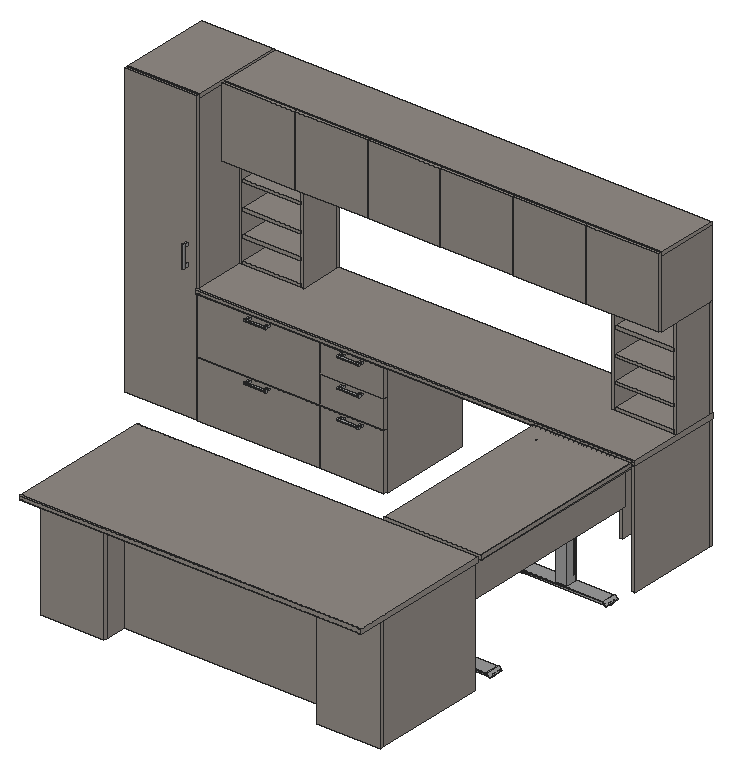
Revit family "JSI-Vision-Typical_Veneer-VST106-", category Furniture, Revit 2020
Family settings
  OmniClass Number = 23.40.20.00
  OmniClass Title = General Furniture and Specialties
  Work Plane-Based = No
  Always vertical = Yes
  Cut with Voids When Loaded = No
  Shared = No
  Room Calculation Point = No
Parameters (values of type "VST106")
  URL = "www.jsifurniture.com"
  Type Comments = "Typical Laminate"  # constant formula
  Model = "VST106"
  Manufacturer = "JSI"  # constant formula
  Keynote = "12500"
  Default Elevation = 0"
  Assembly Code = "E2020200"
Reference planes (in)
  plane 1 "Center Front/Back": y = 0
  plane 2: z = 0
  plane 3 "Center Left/Right": x = 0
Dimensions and locks (in)
  aligned and locked: level to plane 2
Nested families (in)
  nested 1: "JSI-Vision-Wall_Mount_Overhead_Cabinets" at (17.875, 0, -0.5625), type "VSV16108WSO, Veneer Wall Mount OH Cab. 16" x 108", 6 Doors"
    with Overall Height 72", Verticall Partition Distance 35 13/16", Unit Centre 54", Width 108", Door Width Actual 17 13/16", Door Array Spacing 17 15/16", Door Width 17 13/16", # of Doors 6
  nested 2: "JSI-Vision-Modular_Box_Box_File_Pedestal" at (47.875, 0.0625, 0), type "VSV1624MBBF, Veneer Modular BBF Ped"
    with Ped Width 15.996", Ped Height 27.996", Ped Depth 24"
  nested 3: "JSI-Vision-Modular_Wing_End_Support" at (109.875, 0, 0), type "VSV1624WEAR, Wing End Sup - Right"
    with Pnl Pstn 15 1/8", L no, Depth 24"
  nested 4: "JSI-Vision-Credenza_Top" at (17.875, -0.125, 28), type "VSV24108MCT, Veneer Credenza Top, 24" x 108""
    with Height 0", Width 108", Depth 24"
  nested 5: "JSI-Vision-Wardrobe" at (0, 0, 0), type "VSV2418-72WL - Wardrobe - 1 Doors 30"W x 24"D x 72"H"
    with Vertical Partition no, Top-Right Shelve no, Width 18", Unit Centre 8 15/16", Shelve Width 7 13/16", Right surface Dist. to Vertical Partition 3/4", Right Door no, Pull Distance 15 1/4", Left Shelves no, Height 72", Hanging Bar Distance 6 3/4", Door Width 17 3/4", Bottom-Right Shelves yes, Adjustable Shelves Array Distance 13.95", Actual Width 17 7/8", Actual Height 71 11/16", # of Adjustable Shelves 4
  nested 6: "JSI-Vision-Modular_Lateral_File_Pedestal" at (17.875, 0.0625, 0), type "VSV3024MLF, Veneer Modular Lat F Ped"
    with Ped Depth 24"
  nested 7: "JSI-Vision-Single_Pedestal_Desk-Break_Front_Modesty" at (89.81087, -97.625, 0) x (-1, 0, 0) z (0, 0, 1), type "VSV3684RD, Veneer 36 x 84 Right Ped Desk, Brk Frnt Modesty"
    with Width 84", Panel BBF 68 1/4", LR no, Height 29.187", Grommet angle 270.00°, Panel FF 15", Grommet 68 79/128", Depth 36", BBF 68 1/4"
  nested 8: "JSI-Vision-Adjustable_Table_Height_Bridge-Standard_Range" at (125.875, -25.25, 0) x (0, -1, 0) z (0, 0, 1), type "VSV2446AHB-S - Adjustable Height Table Standard Range 46"W x 24"D"
  nested 9: "JSI-Vision-Storage_Tower_Transaction_Support_Cabinet" at (17.875, -0.125, 0), type "VSV2016ST, Storage Tower Insert Transaction Support Cabinet 16w x 24 3/4h"
  nested 10: "JSI-Vision-Storage_Tower_Transaction_Support_Cabinet" at (109.75, -0.125, 0), type "VSV2016ST, Storage Tower Insert Transaction Support Cabinet 16w x 24 3/4h"
  nested 11: "JSI-Vision-Adj_Bridge_Modesty" at (124.375, -25.25, -0.813) x (0, -1, 0) z (0, 0, 1), type "VSV0946TDM, Modesty for Adj Bridge, 46"W"
    with Width 46"
Definition of nested family "JSI-Vision-Wall_Mount_Overhead_Cabinets"
  Parameters (values of type "Wall Mount OH Cab - Type Catalog Family")
    Verticall Partition Distance = (Door Width * 2) + 3/16"  # 26 3/4"
    Unit Centre = Width / 2  # 27"
    Top = none
    Width = 54"
    URL = "www.jsifurniture.com"
    Type Comments = ""
    Tag = "4 Doors"
    Series = "Vision Casegoods"  # constant formula
    Right Vertical Partition = yes
    Overhead Height = 1 1/2"
    Overall Height [instance] = 72"
    Model = "Type Catalog"
    Material = ""
    Manufacturer = "JSI"  # constant formula
    Left Vertical Partition = yes
    Keynote = "12500"  # constant formula
    JSI Enviromental Website = "http://www.jsifurniture.com/jsi_sustainability_intro.php"
    Height = 18"
    Door Width Actual = if(# of Doors > 4, ((Width - 1 1/8") / # of Doors), if(# of Doors > 3, (((Width - 1 1/8") / # of Doors) + 1/16"), if(# of Doors > 2, (((Width - 1 1/8") / # of Doors) + 1/8"), (((Width - 1 1/8") / # of Doors) + 1/4"))))  # 13 9/32"
    Door Array Spacing = Door Width + 1/8"  # 13 13/32"
    Door Width = Door Width Actual  # 13 9/32"
    Door Front = none
    Description = "Type Catalog"
    Depth = 16"
    Default Elevation = 0"
    Chassis = none
    Assembly Code = "E2020200"
    # of Doors = if(Width > 89", 6, (if(Width > 53", 4, (if(Width > 41", 3, (if(Width > 30", 2, 2)))))))  # 4
  Reference planes (in)
    plane 1 "Center Front/Back": y = 0
    plane 2: z = 0
    plane 3 "Center Left/Right": x = 0
    plane 4 "a": z = 0
    plane 5: y = -0.125
    plane 6: x = 54
    plane 7: x = 0.125
    plane 8: x = 53.875
    plane 9: y = -15.5625
    plane 10: y = -16
    plane 11: z = 72
    plane 12: z = 71.5
    plane 13: x = 0.875
    plane 14: x = 53.125
    plane 15: y = -0.875
    plane 16: y = -0.9375
    plane 17: y = -1.6875
    plane 18: z = 71.25
    plane 19: z = 56
    plane 20: z = 56.75
    plane 21: z = 54.5
    plane 22: y = -14.8125
    plane 23: y = -14.0625
    plane 24: x = 0.25
    plane 25: x = 53.75
    plane 26: z = 71.9375
    plane 27: z = 54.6875
    plane 28: y = -15.6875
    plane 29: y = -16.4375
    plane 30: x = 18.0625
    plane 31: x = 18.1875
    plane 32: x = 18.125
    plane 33: x = 27
    plane 34: x = 27
    plane 35: x = 27
    plane 36: x = 26.625
    plane 37: x = 27.375
    plane 38: x = 26.625
    plane 39: x = 27.375
    plane 40: z = 54.5
    plane 41: z = 72.5
    plane 42: z = 66.0625
    plane 43: z = 69.0625
    plane 44: z = 68.25
    plane 45: x = 1.5
    plane 46: x = 52.5
  Forms (in)
    Extrusion 1, solid, material <- "Chassis"
      sketch origin (0, 0, 0) x (1, 0, 0) y (0, 1, 0)
        loop
          line (0.125, -0.125) -> (0.125, -15.5625) -> (0.875, -15.5625) -> (0.875, -0.125) -> (0.125, -0.125)
      from 54.5 to 71.25
    Extrusion 2, solid, material <- "Chassis"
      sketch origin (0, 0, 0) x (1, 0, 0) y (0, 1, 0)
        loop
          line (53.875, -0.125) -> (53.125, -0.125) -> (53.125, -15.5625) -> (53.875, -15.5625) -> (53.875, -0.125)
      from 54.5 to 71.25
    Extrusion 3, solid, material <- "Top"
      sketch origin (0, 0, 0) x (1, 0, 0) y (0, 0, 1)
        loop
          line (0.125, 72) -> (0.125, 71.25) -> (53.875, 71.25) -> (53.875, 72) -> (0.125, 72)
      from 0.125 to 15.5625
    Extrusion 4, solid, material <- "Chassis"
      sketch origin (0, 0, 0) x (1, 0, 0) y (0, 0, 1)
        loop
          line (0.875, 56.75) -> (0.875, 56) -> (53.125, 56) -> (53.125, 56.75) -> (0.875, 56.75)
      from 1.6875 to 15.5625
    Extrusion 5, solid, material <- "Chassis"
      sketch origin (0, 0, 0) x (1, 0, 0) y (0, 1, 0)
        loop
          line (0.875, -14.0625) -> (0.875, -14.8125) -> (53.125, -14.8125) -> (53.125, -14.0625) -> (0.875, -14.0625)
      from 54.5 to 56
    Extrusion 6, solid, material <- "Door Front"
      sketch origin (-4.53125, 0, 17.5) x (1, 0, 0) y (0, 1, 0)
        loop
          line (4.78125, -15.6875) -> (4.78125, -16.4375) -> (18.0625, -16.4375) -> (18.0625, -15.6875) -> (4.78125, -15.6875)
      from 37.1875 to 54.4375
    Extrusion 7, solid, material <- "Door Front"
      sketch origin (8.875, 0, 17.5) x (1, 0, 0) y (0, 1, 0)
        loop
          line (4.78125, -15.6875) -> (4.78125, -16.4375) -> (18.0625, -16.4375) -> (18.0625, -15.6875) -> (4.78125, -15.6875)
      from 37.1875 to 54.4375
    Extrusion 8, solid, material <- "Chassis", visible <- "Left Vertical Partition"
      sketch origin (0, 0, 0) x (1, 0, 0) y (0, 1, 0)
        loop
          line (26.625, -1.6875) -> (26.625, -15.5625) -> (27.375, -15.5625) -> (27.375, -1.6875) -> (26.625, -1.6875)
      from 56.75 to 71.25
    Extrusion 9, solid, material <- "Chassis", visible <- "Right Vertical Partition"
      sketch origin (0, 0, 0) x (1, 0, 0) y (0, 1, 0)
        loop
          line (26.625, -1.6875) -> (26.625, -15.5625) -> (27.375, -15.5625) -> (27.375, -1.6875) -> (26.625, -1.6875)
      from 56.75 to 71.25
    Extrusion 10, solid, material <- "Chassis"
      sketch origin (130.61992, -0.9375, 48) x (1, 0, 0) y (0, 0, 1)
        loop
          line (-129.74492, 23.25) -> (-129.74492, 6.5) -> (-77.49492, 6.5) -> (-77.49492, 23.25) -> (-129.74492, 23.25)
      from 0 to 0.75
    Extrusion 11, solid, material <- "Chassis"
      sketch origin (1.5, 60, 48) x (0, 1, 0) y (0, 0, 1)
        loop
          line (-60.125, 23.25) -> (-60.9375, 23.25) -> (-60.9375, 21.0625) -> (-60.125, 20.25) -> (-60.125, 23.25)
      from -0.625 to 51.625
    Extrusion 12, solid, material <- "Chassis"
      sketch origin (1.5, 60, 48) x (0, 1, 0) y (0, 0, 1)
        loop
          line (-60.9375, 21.0625) -> (-60.9375, 18.0625) -> (-60.125, 18.0625) -> (-60.125, 20.25) -> (-60.9375, 21.0625)
      from 0 to 51
    Extrusion 13, solid, material <- "Door Front"
      sketch origin (22.28125, 0, 17.5) x (1, 0, 0) y (0, 1, 0)
        loop
          line (4.78125, -15.6875) -> (4.78125, -16.4375) -> (18.0625, -16.4375) -> (18.0625, -15.6875) -> (4.78125, -15.6875)
      from 37.1875 to 54.4375
    Extrusion 14, solid, material <- "Door Front"
      sketch origin (35.6875, 0, 17.5) x (1, 0, 0) y (0, 1, 0)
        loop
          line (4.78125, -15.6875) -> (4.78125, -16.4375) -> (18.0625, -16.4375) -> (18.0625, -15.6875) -> (4.78125, -15.6875)
      from 37.1875 to 54.4375
  Lines and regions (in)
    symbolic lines
      curve 1: line (0.125, -0.125, 0) -> (0.125, -15.5625, 0)
      curve 2: line (53.875, -0.125, 0) -> (0.125, -0.125, 0)
      curve 3: line (0.125, -15.5625, 0) -> (53.875, -15.5625, 0)
      curve 4: line (53.875, -15.5625, 0) -> (53.875, -0.125, 0)
      curve 5: line (13.53125, -15.6875, 0) -> (0.25, -15.6875, 0)
      curve 6: line (0.25, -15.6875, 0) -> (0.25, -16.4375, 0)
      curve 7: line (0.25, -16.4375, 0) -> (13.53125, -16.4375, 0)
      curve 8: line (13.53125, -16.4375, 0) -> (13.53125, -15.6875, 0)
      curve 9: line (26.9375, -15.6875, 0) -> (13.65625, -15.6875, 0)
      curve 10: line (13.65625, -15.6875, 0) -> (13.65625, -16.4375, 0)
      curve 11: line (13.65625, -16.4375, 0) -> (26.9375, -16.4375, 0)
      curve 12: line (26.9375, -16.4375, 0) -> (26.9375, -15.6875, 0)
      curve 13: line (40.34375, -15.6875, 0) -> (27.0625, -15.6875, 0)
      curve 14: line (27.0625, -15.6875, 0) -> (27.0625, -16.4375, 0)
      curve 15: line (27.0625, -16.4375, 0) -> (40.34375, -16.4375, 0)
      curve 16: line (40.34375, -16.4375, 0) -> (40.34375, -15.6875, 0)
      curve 17: line (53.75, -15.6875, 0) -> (40.46875, -15.6875, 0)
      curve 18: line (40.46875, -15.6875, 0) -> (40.46875, -16.4375, 0)
      curve 19: line (40.46875, -16.4375, 0) -> (53.75, -16.4375, 0)
      curve 20: line (53.75, -16.4375, 0) -> (53.75, -15.6875, 0)
  Dimensions and locks (in)
    plane 3 "Center Left/Right" to plane 7 to plane 24 = 1/8" locked, 1/8" locked
    plane 25 to plane 8 to plane 6 = 1/8" locked, 1/8" locked
    locked: plane 5 to plane 1 "Center Front/Back" at 0.125
    plane 10 to plane 9 to plane 22 to plane 23 = 7/16" locked, 3/4" locked, 3/4" locked
    "Width": plane 3 "Center Left/Right" to plane 6
    "Depth": plane 10 to plane 1 "Center Front/Back"
    locked: plane 11 to plane 12 at 0.5
    plane 7 to plane 13 to plane 45 = 3/4" locked, 5/8" locked
    plane 46 to plane 14 to plane 8 = 5/8" locked, 3/4" locked
    locked: plane 15 to plane 5 at 0.75
    plane 17 to plane 16 to plane 5 = 3/4" locked, 13/16" locked
    locked: plane 11 to plane 18 at 0.75
    plane 20 to plane 19 to plane 21 = 3/4" locked, 1 1/2" locked
    locked: plane 11 to plane 26 at 0.0625
    locked: plane 27 to plane 21 at 0.1875
    plane 29 to plane 28 to plane 9 = 3/4" locked, 1/8" locked
    plane 30 to plane 32 to plane 31 = 1/16" locked, 1/16" locked
    "Door Width": Extrusion 6 sketch curve to Extrusion 6 sketch curve
    "Door Width": Extrusion 7 sketch curve to Extrusion 7 sketch curve
    equal spacing: group 1, group 2, group 3, group 4  (x3)
    "Door Array Spacing": Extrusion 6 to Extrusion 7
    "Verticall Partition Distance": plane 24 to plane 34
    plane 36 to plane 34 to plane 37 = 3/8" locked, 3/8" locked
    plane 38 to plane 35 to plane 39 = 3/8" locked, 3/8" locked
    "Verticall Partition Distance": plane 35 to plane 25
    "Unit Centre": plane 3 "Center Left/Right" to plane 33
    "Overhead Height": plane 19 to plane 40
    locked: plane 41 to plane 11 at 0.5
    "Height": plane 41 to plane 40
    plane 18 to plane 43 to plane 44 to plane 42 = 2 3/16" locked, 13/16" locked, 2 3/16" locked
    "Door Width": Extrusion 13 sketch curve to Extrusion 13 sketch curve
    "Door Width": Extrusion 14 sketch curve to Extrusion 14 sketch curve
    "Overall Height": plane 11 to level
    aligned and locked: level to plane 2
    aligned and locked: plane 5 to Extrusion 1 sketch curve
    aligned and locked: plane 7 to Extrusion 1 sketch curve
    aligned and locked: Extrusion 1 sketch curve to plane 13
    aligned and locked: Extrusion 2 sketch curve to plane 5
    aligned and locked: plane 8 to Extrusion 2 sketch curve
    aligned and locked: Extrusion 2 sketch curve to plane 14
    aligned and locked: Extrusion 3 sketch curve to plane 11
    aligned and locked: plane 7 to Extrusion 3 sketch curve
    aligned and locked: Extrusion 3 to plane 5
    aligned and locked: plane 9 to Extrusion 1
    aligned and locked: plane 9 to Extrusion 2
    aligned and locked: plane 9 to Extrusion 3
    aligned and locked: Extrusion 4 sketch curve to plane 20
    aligned and locked: plane 13 to Extrusion 4 sketch curve
    aligned and locked: plane 19 to Extrusion 4 sketch curve
    aligned and locked: Extrusion 4 sketch curve to plane 14
    aligned and locked: Extrusion 4 to plane 17
    aligned and locked: plane 9 to Extrusion 4
    aligned and locked: plane 23 to Extrusion 5 sketch curve
    aligned and locked: plane 13 to Extrusion 5 sketch curve
    aligned and locked: Extrusion 5 sketch curve to plane 22
    aligned and locked: Extrusion 5 sketch curve to plane 14
    aligned and locked: plane 19 to Extrusion 5
    aligned and locked: Extrusion 5 to plane 21
    aligned and locked: plane 26 to Extrusion 6
    aligned and locked: Extrusion 6 to plane 24
    aligned and locked: plane 17 to Extrusion 8 sketch curve
    aligned and locked: plane 36 to Extrusion 8 sketch curve
    aligned and locked: Extrusion 8 sketch curve to plane 9
    aligned and locked: Extrusion 8 sketch curve to plane 37
    aligned and locked: plane 17 to Extrusion 9 sketch curve
    aligned and locked: plane 38 to Extrusion 9 sketch curve
    aligned and locked: Extrusion 9 sketch curve to plane 9
    aligned and locked: Extrusion 9 sketch curve to plane 39
    aligned and locked: plane 18 to Extrusion 8
    aligned and locked: Extrusion 8 to plane 20
    aligned and locked: plane 18 to Extrusion 9
    aligned and locked: Extrusion 9 to plane 20
    aligned and locked: Extrusion 1 to Extrusion 10 sketch curve
    aligned and locked: Extrusion 10 sketch curve to Extrusion 1
    aligned and locked: Extrusion 2 to Extrusion 10 sketch curve
    aligned and locked: Extrusion 10 to plane 16
    aligned and locked: plane 17 to Extrusion 10
    aligned and locked: plane 33 to nested 1
    aligned and locked: plane 29 to nested 1
    aligned and locked: plane 26 to Extrusion 7
    aligned and locked: plane 18 to Extrusion 1
    aligned and locked: plane 18 to Extrusion 2
    aligned and locked: curve 1 to Extrusion 3
    aligned and locked: curve 2 to Extrusion 3
    aligned and locked: curve 3 to Extrusion 3
    aligned and locked: curve 4 to Extrusion 3
    aligned and locked: Extrusion 1 to plane 40
    aligned and locked: Extrusion 2 to plane 40
    aligned and locked: Extrusion 10 sketch curve to plane 40
    aligned and locked: Extrusion 6 to plane 26
    aligned and locked: Extrusion 7 to plane 26
    aligned and locked: Extrusion 11 sketch curve to plane 18
    aligned and locked: plane 5 to Extrusion 11 sketch curve
    aligned and locked: Extrusion 11 sketch curve to plane 16
    aligned and locked: plane 43 to Extrusion 11 sketch curve
    aligned and locked: plane 44 to Extrusion 11 sketch curve
    aligned and locked: Extrusion 11 to plane 13
    aligned and locked: plane 14 to Extrusion 11
    aligned and locked: Extrusion 12 sketch curve to Extrusion 11
    aligned and locked: Extrusion 12 sketch curve to plane 5
    aligned and locked: plane 16 to Extrusion 12 sketch curve
    aligned and locked: Extrusion 12 sketch curve to plane 42
    aligned and locked: plane 43 to Extrusion 12 sketch curve
    aligned and locked: plane 44 to Extrusion 12 sketch curve
    aligned and locked: Extrusion 12 to plane 45
    aligned and locked: plane 46 to Extrusion 12
    aligned and locked: curve 5 to Extrusion 6
    aligned and locked: curve 6 to Extrusion 6
    aligned and locked: curve 7 to Extrusion 6
    aligned and locked: curve 8 to Extrusion 6
    aligned and locked: curve 9 to Extrusion 7
    aligned and locked: curve 10 to Extrusion 7
    aligned and locked: curve 11 to Extrusion 7
    aligned and locked: curve 12 to Extrusion 7
    aligned and locked: curve 13 to Extrusion 13
    aligned and locked: curve 14 to Extrusion 13
    aligned and locked: curve 15 to Extrusion 13
    aligned and locked: curve 16 to Extrusion 13
    aligned and locked: curve 17 to Extrusion 14
    aligned and locked: curve 18 to Extrusion 14
    aligned and locked: curve 19 to Extrusion 14
    aligned and locked: curve 20 to Extrusion 14
  Automatic sketch dimensions
    Extrusion 1 sketch curve to plane 10 = 7/16"
    Extrusion 3 sketch curve to plane 8 = 0"
    Extrusion 3 sketch curve to plane 18 = 0"
    plane 9 to Extrusion 2 sketch curve = 0"
    Extrusion 6 sketch curve to Extrusion 6 sketch curve = 3/4"
    Extrusion 7 sketch curve to Extrusion 7 sketch curve = 3/4"
    curve 6 to curve 6 = 3/4"
    curve 6 to curve 7 = 13 9/32"
    curve 10 to curve 10 = 3/4"
    curve 10 to curve 11 = 13 9/32"
    Extrusion 13 sketch curve to Extrusion 13 sketch curve = 3/4"
    curve 14 to curve 14 = 3/4"
    curve 14 to curve 15 = 13 9/32"
    Extrusion 14 sketch curve to Extrusion 14 sketch curve = 3/4"
    curve 18 to curve 18 = 3/4"
    curve 18 to curve 19 = 13 9/32"
  Nested families (in)
    nested 1: "Label 1-16 OH" at (27, -16.4375, 0), type "OH DOORS"
  Definition of nested family "Label 1-16 OH"
    Parameters
      Width = 1"
      Model Name = "XX"
    Reference planes (in)
      plane 1: y = 0
      plane 2: x = 0
    Text (in)
      label "XX" at (0.00051, -0.12324, 0), shows "Model Name"
Definition of nested family "JSI-Vision-Modular_Box_Box_File_Pedestal"
  Parameters (values of type "Type Catalog")
    URL = "www.jsifurniture.com"
    Tag = "BBF"
    Series = "Vision Casegoods"  # constant formula
    Pull Finish = none
    Ped Width = 16"
    Ped Height = 28"
    Model = "Type Catalog"
    Manufacturer = "JSI"  # constant formula
    Keynote = "12500"
    JSI Enviromental website = "http://www.jsifurniture.com/jsi_sustainability_intro.php"
    Description = "Type Catalog"
    Default Elevation = 0"
    Chassis = none
    Ped Depth = 20"
    Grommet Finish = none
    Drawer Front = none
    Assembly Code = "E2020200"
  Reference planes (in)
    plane 1 "Center Front/Back": y = 0
    plane 2: z = 0
    plane 3 "Center Left/Right": x = 0
    plane 4: x = 0.125
    plane 5: x = 16.125
    plane 6: x = 16.25
    plane 7: y = -18.9795
    plane 8: y = -0.1875
    plane 9: y = -19.1095
    plane 10: x = 0.18716
    plane 11: x = 16.06243
    plane 12: y = -19.8595
    plane 13: z = 27.89082
    plane 14: z = 28
    plane 15: x = 0.875
    plane 16: x = 15.376
    plane 17: y = -0.9375
    plane 18: y = -18.23863
    plane 19: z = 27.1404
    plane 20: z = 26.5625
    plane 21: y = -3.9375
    plane 22: x = 8.125
    plane 23: y = -20
    plane 24: y = -9.80266
    plane 25: y = -14.80266
    plane 26: z = 27.1875
    plane 27: z = 21.04715
    plane 28: z = 20.92165
    plane 29: z = 20.1704
    plane 30: z = 14.0779
    plane 31: z = 13.9529
    plane 32: z = 13.2024
    plane 33: z = 0.1404
  Forms (in)
    Extrusion 1, solid, material <- "Chassis"
      sketch origin (0.125, -0.1875, 48) x (0, 1, 0) y (0, 0, 1)
        loop
          line (0, -20) -> (-2.2814, -20) -> (-18.792, -20) -> (-18.792, -48) -> (0, -48) -> (0, -20)
      from 0 to 0.75
    Extrusion 2, solid, material <- "Chassis"
      sketch origin (16.125, -0.1875, 48) x (0, 1, 0) y (0, 0, 1)
        loop
          line (0, -20) -> (-1.49541, -20) -> (-18.792, -20) -> (-18.792, -48) -> (0, -48) -> (0, -20)
      from -0.749 to 0
    Extrusion 3, solid, material <- "Drawer Front"
      sketch origin (0, 0, 0) x (1, 0, 0) y (0, 0, 1)
        loop
          line (0.18716, 27.89082) -> (0.18716, 21.04715) -> (16.06243, 21.04715) -> (16.06243, 27.89082) -> (0.18716, 27.89082)
        loop
          line (16.06243, 14.0779) -> (16.06243, 20.92165) -> (0.18716, 20.92165) -> (0.18716, 14.0779) -> (16.06243, 14.0779)
        loop
          line (0.18716, 13.9529) -> (0.18716, 0.1404) -> (16.06243, 0.1404) -> (16.06243, 13.9529) -> (0.18716, 13.9529)
      from 19.1095 to 19.8595
    Extrusion 4, solid, material <- "Chassis"
      sketch origin (0, 0, 0) x (1, 0, 0) y (0, 1, 0)
        loop
          line (0.875, -18.23863) -> (0.875, -18.9795) -> (15.376, -18.9795) -> (15.376, -18.23863) -> (0.875, -18.23863)
      from 0 to 1.9375
    Extrusion 5, solid, material <- "Chassis"
      sketch origin (0, 0, 0) x (0, 1, 0) y (0, 0, 1)
        loop
          line (-9.80266, 27.1875) -> (-9.80266, 27.89082) -> (-14.80266, 27.89082) -> (-14.80266, 27.1875) -> (-9.80266, 27.1875)
      from 0.875 to 15.376
    Extrusion 6, solid, material <- "Chassis"
      sketch origin (0, 0, 0) x (0, 1, 0) y (0, 0, 1)
        loop
          line (-0.1875, 28) -> (-0.9375, 28) -> (-0.9375, 23) -> (-0.1875, 23) -> (-0.1875, 28)
        loop
          line (-0.9375, 5) -> (-0.9375, 0) -> (-0.1875, 0) -> (-0.1875, 5) -> (-0.9375, 5)
      from 0.875 to 15.376
  Lines and regions (in)
    symbolic lines
      curve 1: line (0.125, -18.9795, 0) -> (0.125, -0.1875, 0)
      curve 2: line (16.125, -0.1875, 0) -> (16.125, -18.9795, 0)
      curve 3: line (0.18716, -19.1095, 0) -> (16.06243, -19.1095, 0)
      curve 4: line (0.18716, -19.8595, 0) -> (0.18716, -19.1095, 0)
      curve 5: line (16.06243, -19.8595, 0) -> (0.18716, -19.8595, 0)
      curve 6: line (16.06243, -19.1095, 0) -> (16.06243, -19.8595, 0)
      curve 7: line (0.875, -0.1875, 0) -> (0.875, -18.9795, 0)
      curve 8: line (0.125, -18.9795, 0) -> (0.875, -18.9795, 0)
      curve 9: line (15.376, -0.1875, 0) -> (15.376, -18.9795, 0)
      curve 10: line (15.376, -18.9795, 0) -> (16.125, -18.9795, 0)
      curve 11: line (0.125, -0.1875, 0) -> (16.125, -0.1875, 0)
      curve 12: line (0.875, -0.9375, 0) -> (15.376, -0.9375, 0)
  Dimensions and locks (in)
    plane 3 "Center Left/Right" to plane 4 = 1/8"
    locked: plane 5 to plane 6 at 0.125
    "Ped Width": plane 4 to plane 5
    locked: plane 1 "Center Front/Back" to plane 8 at 0.1875
    "Ped Height": plane 14 to level
    locked: plane 8 to plane 17 at 0.75
    plane 18 to plane 7 to plane 9 to plane 12 = 0.74087" locked, 0.13" locked, 3/4" locked
    plane 4 to plane 10 to plane 15 = 0.06216" locked, 0.68784" locked
    plane 16 to plane 11 to plane 5 = 0.68644" locked, 0.06257" locked
    locked: plane 14 to plane 20 at 1.4375
    locked: plane 1 "Center Front/Back" to plane 21 at 3.9375
    plane 3 "Center Left/Right" to plane 22 to plane 6 = 8 1/8", 8 1/8"
    "Ped Depth": plane 23 to plane 1 "Center Front/Back"
    locked: plane 12 to plane 23 at 0.1405
    plane 24 to plane 25 to plane 23 = 5" locked, 5.19734" locked
    locked: plane 14 to Extrusion 6 sketch curve at 5
    locked: Extrusion 6 sketch curve to plane 2 at 5
    plane 14 to plane 13 to plane 27 to plane 28 to plane 30 to plane 31 to plane 33 to plane 2 = 0.10918" locked, 6.84367" locked, 0.1255" locked, 6 27/32" locked, 1/8" locked, 13 13/16", 0.1404" locked
    plane 19 to plane 29 to plane 32 to plane 2 = 6.97" locked, 6.968" locked, 13.2024" locked
    aligned and locked: level to plane 2
    aligned and locked: Extrusion 1 sketch curve to plane 7
    aligned and locked: Extrusion 1 sketch curve to level
    aligned and locked: Extrusion 2 sketch curve to plane 14
    aligned and locked: level to Extrusion 2 sketch curve
    aligned and locked: plane 7 to Extrusion 2 sketch curve
    aligned and locked: Extrusion 3 sketch curve to plane 13
    aligned and locked: Extrusion 3 sketch curve to plane 10  (x2)
    aligned and locked: plane 11 to Extrusion 3 sketch curve  (x2)
    aligned and locked: Extrusion 3 to plane 12
    aligned and locked: plane 9 to Extrusion 3
    aligned and locked: Extrusion 4 sketch curve to plane 18
    aligned and locked: plane 15 to Extrusion 4 sketch curve
    aligned and locked: nested 1 to plane 12
    aligned and locked: nested 2 to plane 12
    aligned and locked: plane 19 to nested 2
    aligned and locked: plane 24 to Extrusion 5 sketch curve
    aligned and locked: Extrusion 5 sketch curve to plane 26
    aligned and locked: Extrusion 5 sketch curve to plane 25
    aligned and locked: plane 13 to Extrusion 5 sketch curve
    aligned and locked: Extrusion 5 to plane 15
    aligned and locked: plane 16 to Extrusion 5
    aligned and locked: nested 3 to plane 22
    aligned and locked: nested 3 to plane 23
    aligned and locked: nested 2 to plane 22
    aligned and locked: nested 1 to plane 22
    aligned and locked: Extrusion 3 sketch curve to Extrusion 3 sketch curve  (x2)
    aligned and locked: nested 4 to plane 22
    aligned and locked: nested 4 to plane 12
    aligned and locked: Extrusion 3 to plane 28
    aligned and locked: plane 27 to Extrusion 3
    aligned and locked: Extrusion 3 to plane 31
    aligned and locked: plane 30 to Extrusion 3
    aligned and locked: plane 8 to Extrusion 1
    aligned and locked: plane 8 to Extrusion 2
    aligned and locked: curve 7 to Extrusion 1
    aligned and locked: plane 8 to curve 9
    aligned and locked: Extrusion 2 to plane 16
    aligned and locked: plane 8 to Extrusion 6 sketch curve
    aligned and locked: Extrusion 6 sketch curve to plane 17
    aligned and locked: Extrusion 6 sketch curve to plane 2
    aligned and locked: Extrusion 6 sketch curve to plane 8
    aligned and locked: plane 17 to Extrusion 6 sketch curve
    aligned and locked: Extrusion 6 sketch curve to plane 14
    aligned and locked: Extrusion 6 to plane 15
    aligned and locked: plane 16 to Extrusion 6
    aligned and locked: plane 4 to curve 11
    aligned and locked: plane 5 to curve 11
    aligned and locked: curve 11 to plane 8
    aligned and locked: plane 15 to curve 12
    aligned and locked: plane 16 to curve 12
    aligned and locked: curve 12 to plane 17
    aligned and locked: plane 33 to Extrusion 3
  Automatic sketch dimensions
    Extrusion 3 sketch curve to plane 19 = 6 7/32"
    Extrusion 3 sketch curve to Extrusion 3 sketch curve = 0.1255"
    Extrusion 1 sketch curve to plane 14 = 0"
    Extrusion 1 sketch curve to Extrusion 1 sketch curve = 2.2814"
    Extrusion 2 sketch curve to plane 17 = 0.74541"
    Extrusion 3 sketch curve to Extrusion 3 sketch curve = 1/8"
    Extrusion 3 sketch curve to Extrusion 3 sketch curve = 6 31/32"
    level to Extrusion 3 sketch curve = 0.1404"
    plane 17 to Extrusion 1 sketch curve = 3/4"
    Extrusion 4 sketch curve to plane 7 = 0"
    Extrusion 4 sketch curve to plane 16 = 0"
    plane 17 to Extrusion 2 sketch curve = 3/4"
    curve 3 to plane 9 = 0"
    curve 3 to plane 10 = 0"
    curve 10 to plane 7 = 0"
    curve 5 to plane 11 = 0"
    curve 4 to plane 12 = 0"
    curve 1 to plane 7 = 0"
  Nested families (in)
    nested 1: "Bar Pull" at (8.125, -19.8595, 13.2024), Pull Finish <- "Pull Finish", type "PL"
      with Pull Finish none
    nested 2: "Bar Pull" at (8.125, -19.8595, 27.1404), Pull Finish <- "Pull Finish", type "PL"
      with Pull Finish none
    nested 3: "Label 1-16" at (8.125, -20, 0), type "DRWCFG"
    nested 4: "Bar Pull" at (8.125, -19.8595, 20.1704), Pull Finish <- "Pull Finish", type "PL"
      with Pull Finish none
  Definition of nested family "Bar Pull"
    Parameters
      Pull Finish [instance] = none
      Default Elevation = 0"
    Reference planes (in)
      plane 1 "Center Front/Back": y = 0
      plane 2: z = 0
      plane 3 "Center Left/Right": x = 0
      plane 4: x = -2.68731
      plane 5: x = -1.88731
      plane 6: x = 2.68731
      plane 7: x = 1.88731
      plane 8: y = -1
      plane 9: y = -0.85202
    Forms (in)
      Extrusion 1, solid, material <- "Pull Finish"
        sketch origin (0, 0, 0) x (0, 1, 0) y (0, 0, 1)
          loop
            line (0, -0.2015) -> (0, 0.2015) -> (-0.85202, 0.2015)
            arc (-0.85202, 0.2015) -> (-0.75, 0) -> (-0.85202, -0.2015) r 0.25
            line (-0.85202, -0.2015) -> (0, -0.2015)
        from 1.88731 to 2.68731
      Extrusion 2, solid, material <- "Pull Finish"
        sketch origin (0, 0, 0) x (0, 1, 0) y (0, 0, 1)
          loop
            circle (-1, 0) r 0.25
        from -2.68731 to 2.68731
      Extrusion 3, solid, material <- "Pull Finish"
        sketch origin (0, 0, 0) x (0, 1, 0) y (0, 0, -1)
          loop
            line (0, 0.2015) -> (-0.85202, 0.2015)
            arc (-0.85202, 0.2015) -> (-0.75, 0) -> (-0.85202, -0.2015) r 0.25
            line (-0.85202, -0.2015) -> (0, -0.2015) -> (0, 0.2015)
        from 1.88731 to 2.68731
    Dimensions and locks (in)
      plane 4 to plane 5 to plane 3 "Center Left/Right" to plane 7 to plane 6 = 0.8" locked, 1.88731" locked, 1.88731" locked, 0.8" locked
      plane 8 to plane 9 to plane 1 "Center Front/Back" = 0.14798" locked, 0.85202" locked
      aligned and locked: level to plane 2
      aligned and locked: plane 4 to Extrusion 3
      aligned and locked: Extrusion 3 to plane 5
      aligned and locked: plane 4 to Extrusion 2
      aligned and locked: Extrusion 1 to plane 7
      aligned and locked: plane 6 to Extrusion 1
      aligned and locked: plane 6 to Extrusion 2
      aligned and locked: plane 8 to Extrusion 2 sketch curve
      aligned and locked: Extrusion 3 to plane 1 "Center Front/Back"
      aligned and locked: Extrusion 1 to plane 1 "Center Front/Back"
      aligned and locked: plane 5 to Extrusion 3
      aligned and locked: Extrusion 3 to plane 4
      aligned and locked: Extrusion 2 to plane 4
      aligned and locked: plane 7 to Extrusion 1
      aligned and locked: Extrusion 1 to plane 6
      aligned and locked: Extrusion 2 to plane 6
  Definition of nested family "Label 1-16"
    Parameters
      Width = 1"
      Model Name = "2 Drw - 2 Drs"
    Reference planes (in)
      plane 1: y = 0
      plane 2: x = 0
    Text (in)
      label "XX" at (0.00051, -0.12324, 0), shows "Model Name"
Definition of nested family "JSI-Vision-Modular_Wing_End_Support"
  Parameters (values of type "Wing End Sup - Type Catalog Family")
    Width = 16"
    URL = "www.jsifurniture.com"
    Series = "Vision Casegoods"  # constant formula
    Pnl Pstn = if(L, 1/8", Width - 7/8")  # 1/8"
    Model = "Type Catalog"
    Manufacturer = "JSI"  # constant formula
    L = yes
    Keynote = "12500"  # constant formula
    JSI Enviromental website = "http://www.jsifurniture.com/jsi_sustainability_intro.php"
    Height = 28"
    Grommet Finish = none
    Description = "Type Catalog"
    Depth = 20"
    Default Elevation = 0"
    Chassis = none
    Assembly Code = "E2020200"
  Reference planes (in)
    plane 1 "Center Front/Back": y = 0
    plane 2: z = 0
    plane 3 "Center Left/Right": x = 0
    plane 4: x = 0.125
    plane 5: x = 15.875
    plane 6: x = 16
    plane 7: y = -0.1875
    plane 8: z = 28
    plane 9: x = 0.875
    plane 10: x = 15.126
    plane 11: y = -20
    plane 12: y = -19.8125
    plane 13: y = -0.9375
    plane 14: x = 0.125
    plane 15: x = 15.875
  Forms (in)
    Extrusion 1, solid, material <- "Chassis"
      sketch origin (0, 0, 0) x (1, 0, 0) y (0, 1, 0)
        loop
          line (0.125, -0.1875) -> (0.125, -0.9375) -> (15.875, -0.9375) -> (15.875, -0.1875) -> (0.125, -0.1875)
      from 0 to 28
    Extrusion 2, solid, material <- "Chassis"
      sketch origin (0.125, -0.1875, 48) x (0, 1, 0) y (0, 0, 1)
        loop
          line (-0.75, -20) -> (-19.625, -20) -> (-19.625, -48) -> (-0.75, -48) -> (-0.75, -20)
      from 0 to 0.75
    Extrusion 3, solid, material <- "Chassis"
      sketch origin (15.875, -0.1875, 48) x (0, 1, 0) y (0, 0, 1)
        loop
          line (-0.75, -20) -> (-4.75, -20) -> (-4.75, -48) -> (-0.75, -48) -> (-0.75, -20)
      from -0.749 to 0
    Extrusion 4, solid, material <- "Chassis"
      sketch origin (0, 0, 0) x (0, 1, 0) y (0, 0, 1)
        loop
          line (-0.9375, 1.75) -> (-0.9375, 2.5) -> (-2.875, 2.5) -> (-2.875, 1.75) -> (-0.9375, 1.75)
      from 0.875 to 15.126
  Lines and regions (in)
    symbolic lines
      curve 1: line (15.875, -0.1875, 0) -> (0.125, -0.1875, 0)
      curve 2: line (0.125, -19.8125, 0) -> (0.125, -0.1875, 0)
      curve 3: line (15.875, -0.1875, 0) -> (15.875, -4.9375, 0)
      curve 4: line (0.125, -0.9375, 0) -> (15.875, -0.9375, 0)
      curve 5: line (0.875, -0.9375, 0) -> (0.875, -19.8125, 0)
      curve 6: line (0.125, -19.8125, 0) -> (0.875, -19.8125, 0)
      curve 7: line (15.126, -0.9375, 0) -> (15.126, -4.9375, 0)
      curve 8: line (15.126, -4.9375, 0) -> (15.875, -4.9375, 0)
  Dimensions and locks (in)
    locked: plane 1 "Center Front/Back" to plane 7 at 0.1875
    "Height": plane 8 to level
    locked: plane 4 to plane 9 at 0.75
    locked: plane 10 to plane 5 at 0.749
    "Depth": plane 11 to plane 1 "Center Front/Back"
    "Width": plane 3 "Center Left/Right" to plane 6
    locked: plane 3 "Center Left/Right" to plane 14 at 0.125
    locked: plane 15 to plane 6 at 0.125
    locked: Extrusion 1 to Extrusion 4 at 0.75
    locked: Extrusion 4 to Extrusion 1 at 0.749
    "Pnl Pstn": plane 3 "Center Left/Right" to plane 4
    "Pnl Pstn": plane 5 to plane 6
    locked: plane 12 to plane 11 at 0.1875
    Extrusion 4 to Extrusion 4 to plane 2 = 3/4" locked, 1 3/4" locked
    locked: plane 13 to Extrusion 4 at 1.9375
    aligned and locked: level to plane 2
    aligned and locked: Extrusion 1 sketch curve to plane 7
    aligned and locked: Extrusion 2 sketch curve to level
    aligned and locked: Extrusion 3 sketch curve to plane 8
    aligned and locked: level to Extrusion 3 sketch curve
    aligned and locked: Extrusion 2 to plane 12
    aligned and locked: plane 13 to Extrusion 2
    aligned and locked: plane 9 to Extrusion 2
    aligned and locked: Extrusion 2 to plane 4
    aligned and locked: Extrusion 1 to plane 14
    aligned and locked: plane 15 to Extrusion 1
    aligned and locked: curve 6 to plane 12
    aligned and locked: plane 13 to Extrusion 4 sketch curve
    aligned and locked: plane 13 to Extrusion 3
    aligned and locked: plane 14 to curve 1
  Automatic sketch dimensions
    plane 11 to Extrusion 3 sketch curve = 15 1/16"
    Extrusion 2 sketch curve to plane 8 = 0"
    plane 12 to Extrusion 2 sketch curve = 0"
    Extrusion 1 sketch curve to plane 7 = 3/4"
    Extrusion 2 sketch curve to plane 7 = 3/4"
    Extrusion 3 sketch curve to plane 7 = 3/4"
    Extrusion 1 sketch curve to plane 4 = 0"
    plane 5 to Extrusion 1 sketch curve = 0"
    curve 7 to plane 10 = 0"
    curve 3 to plane 5 = 0"
    curve 2 to plane 4 = 0"
    curve 6 to plane 9 = 0"
    curve 1 to plane 15 = 0"
    curve 4 to plane 13 = 0"
    curve 7 to plane 13 = 0"
    curve 5 to plane 13 = 0"
    curve 2 to plane 7 = 0"
    level to Extrusion 4 sketch curve = 1 3/4"
    Extrusion 4 sketch curve to Extrusion 4 sketch curve = 3/4"
    curve 3 to curve 4 = 4"
    Extrusion 4 sketch curve to plane 13 = 1 15/16"
Definition of nested family "JSI-Vision-Credenza_Top"
  Parameters (values of type "Type Catalog")
    Worksurface = none
    Width = 30"
    URL = "www.jsifurniture.com"
    Type Comments = ""
    Series = "Vision Casegoods"  # constant formula
    Model = "Type Catalog"
    Material = ""
    Manufacturer = "JSI"  # constant formula
    Keynote = "12500"
    JSI Enviromental Website = "http://www.jsifurniture.com/jsi_sustainability_intro.php"
    Height [instance] = 0"
    Description = "Type Catalog"
    Depth = 20"
    Default Elevation = 0"
    Assembly Code = "E2020200"
  Reference planes (in)
    plane 1 "Center Front/Back": y = 0
    plane 2: z = 0
    plane 3 "Center Left/Right": x = 0
    plane 4: z = 0
    plane 5: x = 30
    plane 6: y = -20
    plane 7: z = 1.1875
    plane 8: z = 0
  Forms (in)
    Extrusion 1, solid, material <- "Worksurface"
      sketch origin (0, 0, 28) x (0, 1, 0) y (0, 0, 1)
        loop
          line (-19.88189, -28) -> (0, -28) -> (0, -26.8125) -> (-19.88189, -26.8125)
          arc (-19.88189, -26.8125) -> (-19.96541, -26.84709) -> (-20, -26.93061) r 0.11811
          line (-20, -26.93061) -> (-20, -27.88189)
          arc (-20, -27.88189) -> (-19.96541, -27.96541) -> (-19.88189, -28) r 0.11811
      from 0 to 30
  Lines and regions (in)
    symbolic lines
      curve 1: line (0, 0, 0) -> (30, 0, 0)
      curve 2: line (0, -20, 0) -> (0, 0, 0)
      curve 3: line (30, -20, 0) -> (0, -20, 0)
      curve 4: line (30, 0, 0) -> (30, -20, 0)
  Dimensions and locks (in)
    "Depth": plane 6 to plane 1 "Center Front/Back"
    "Width": plane 5 to plane 3 "Center Left/Right"
    locked: plane 7 to plane 8 at 1.1875
    "Height": plane 8 to level
    aligned and locked: level to plane 2
    aligned and locked: plane 5 to Extrusion 1
    aligned and locked: curve 1 to Extrusion 1
    aligned and locked: curve 2 to Extrusion 1
    aligned and locked: plane 6 to curve 3
    aligned and locked: curve 4 to plane 5
    aligned and locked: Extrusion 1 to plane 8
    aligned and locked: plane 7 to Extrusion 1
  Automatic sketch dimensions
    Extrusion 1 sketch curve to plane 6 = 0"
    level to Extrusion 1 sketch curve = 0"
    Extrusion 1 sketch curve to plane 7 = 0"
    Extrusion 1 sketch curve to plane 1 "Center Front/Back" = 0"
    Extrusion 1 sketch curve to Extrusion 1 sketch curve = 0.11811"
    plane 6 to Extrusion 1 sketch curve = 0.11811"
Definition of nested family "JSI-Vision-Wardrobe"
  Parameters (values of type "Type Catalog")
    Vertical Partition = yes
    Top-Right Shelve = yes
    Top = none
    Width = 36"
    Unit Centre = Actual Width / 2  # 17 15/16"
    URL = "www.jsifurniture.com"
    Type Comments = ""
    Tag = "Storage/Wardrobe"
    Shelve Width = (Actual Width - 2 1/4") / 2  # 16 13/16"
    Shelve Depth = Depth - 2 13/16"  # 21 3/16"
    Series = "Vision Casegoods"  # constant formula
    Right surface Dist. to Vertical Partition = if(Vertical Partition, (Unit Centre + 3/8"), 3/4")  # 18 5/16"
    Right Door = yes
    Pull Finish = none
    Pull Distance = Door Width - 2 1/2"  # 15 5/16"
    Model = "Type Catalog"
    Material = ""
    Manufacturer = "JSI"  # constant formula
    Left Shelves = yes
    Left Door = yes
    Keynote = "12500"
    JSI Enviromental Website = "http://www.jsifurniture.com/jsi_sustainability_intro.php"
    Height = 84"
    Hanging Bar Distance = if(Height > 72", (Adjustable Shelves Array Distance + 6 3/4"), 6 3/4")  # 20 3/8"
    Door Width = if(Vertical Partition, ((Actual Width - (1/4")) / 2), (Actual Width - 1/8"))  # 17 13/16"
    Door Front = none
    Description = "Type Catalog"
    Depth = 24"
    Default Elevation = 0"
    Chassis = none
    Bottom-Right Shelves = no
    Assembly Code = "E2020200"
    Adjustable Shelves Array Distance = (Actual Height - 1 15/16") / (# of Adjustable Shelves + 1)  # 13 5/8"
    Actual Width = Width - 1/8"  # 35 7/8"
    Actual Height = if(Height > 54", (Height - 5/16"), (if(Height > 42", (Height + 1 1/8"), if(Height > 30", (Height - 3/8"), (Height - 13/16")))))  # 83 11/16"
    # of Adjustable Shelves = if(Height > 72", 5, 4)  # 5
  Reference planes (in)
    plane 1 "Center Front/Back": y = 0
    plane 2: z = 0
    plane 3 "Center Left/Right": x = 0
    plane 4: z = 0
    plane 5: x = 35.875
    plane 6: y = -0.125
    plane 7: y = -23
    plane 8: z = 83.6875
    plane 9: y = -0.875
    plane 10: y = -22.8125
    plane 11: y = -22.0625
    plane 12: x = 0.75
    plane 13: x = 35.125
    plane 14: z = 1.1875
    plane 15: z = 1.9375
    plane 16: z = 82.9375
    plane 17: z = 83.3125
    plane 18: z = 15.1875
    plane 19: z = 28.8125
    plane 20: z = 42.4375
    plane 21: z = 56.0625
    plane 22: z = 69.6875
    plane 23: z = 70.0625
    plane 24: z = 69.3125
    plane 25: z = 56.4375
    plane 26: z = 55.6875
    plane 27: z = 42.8125
    plane 28: z = 42.0625
    plane 29: z = 29.1875
    plane 30: z = 28.4375
    plane 31: z = 15.5625
    plane 32: z = 14.8125
    plane 33: x = 17.9375
    plane 34: x = 0.0625
    plane 35: x = 35.8125
    plane 36: x = 18
    plane 37: x = 17.875
    plane 38: z = 0.125
    plane 39: y = -23.125
    plane 40: y = -23.875
    plane 41: z = 1.5625
    plane 42: x = 18.3125
    plane 43: x = 17.5625
    plane 44: y = -24
    plane 45: z = 83.625
    plane 46: z = 63.3125
    plane 47: y = -11.5625
    plane 48: z = 41.84375
    plane 49: x = 20.5
    plane 50: x = 15.375
    plane 51: z = 20.3125
    plane 52: z = 19.5625
    plane 53: x = 18.3125
  Forms (in)
    Extrusion 1, solid, material <- "Chassis"
      sketch origin (0, 0, 0) x (1, 0, 0) y (0, 1, 0)
        loop
          line (0, -0.125) -> (0, -0.875) -> (35.875, -0.875) -> (35.875, -0.125) -> (0, -0.125)
      from 0 to 82.9375
    Extrusion 2, solid, material <- "Chassis"
      sketch origin (0, 0, 0) x (1, 0, 0) y (0, 1, 0)
        loop
          line (0, -0.875) -> (0, -23) -> (0.75, -23) -> (0.75, -0.875) -> (0, -0.875)
      from 0 to 82.9375
    Extrusion 3, solid, material <- "Chassis"
      sketch origin (0, 0, 0) x (1, 0, 0) y (0, 1, 0)
        loop
          line (35.125, -0.875) -> (35.125, -23) -> (35.875, -23) -> (35.875, -0.875) -> (35.125, -0.875)
      from 0 to 82.9375
    Extrusion 4, solid, material <- "Top"
      sketch origin (0, 0, 0) x (0, 1, 0) y (0, 0, 1)
        loop
          line (-0.125, 83.6875) -> (-23, 83.6875) -> (-23, 82.9375) -> (-0.125, 82.9375) -> (-0.125, 83.6875)
      from 0 to 35.875
    Extrusion 5, solid, material <- "Chassis"
      sketch origin (0, 0, 0) x (0, 1, 0) y (0, 0, 1)
        loop
          line (-0.875, 1.9375) -> (-22.0625, 1.9375) -> (-22.0625, 1.1875) -> (-0.875, 1.1875) -> (-0.875, 1.9375)
      from 0.75 to 35.125
    Extrusion 6, solid, material <- "Chassis"
      sketch origin (0, 0, 0) x (0, 1, 0) y (0, 0, 1)
        loop
          line (-22.0625, 1.9375) -> (-22.8125, 1.9375) -> (-22.8125, 0) -> (-22.0625, 0) -> (-22.0625, 1.9375)
      from 0.75 to 35.125
    Extrusion 7, solid, material <- "Door Front", visible <- "Left Door"
      sketch origin (0, 0, 0) x (1, 0, 0) y (0, 1, 0)
        loop
          line (0.0625, -23.125) -> (0.0625, -23.875) -> (17.875, -23.875) -> (17.875, -23.125) -> (0.0625, -23.125)
      from 0.125 to 83.625
    Extrusion 8, solid, material <- "Door Front", visible <- "Right Door"
      sketch origin (0, 0, 0) x (1, 0, 0) y (0, 1, 0)
        loop
          line (18, -23.125) -> (18, -23.875) -> (35.8125, -23.875) -> (35.8125, -23.125) -> (18, -23.125)
      from 0.125 to 83.625
    Extrusion 9, solid, material <- "Chassis", visible <- "Vertical Partition"
      sketch origin (0, 0, 0) x (1, 0, 0) y (0, 1, 0)
        loop
          line (17.5625, -0.875) -> (17.5625, -23) -> (18.3125, -23) -> (18.3125, -0.875) -> (17.5625, -0.875)
      from 1.9375 to 82.9375
    Extrusion 10, solid, material <- "Chassis", visible <- "Left Shelves"
      sketch origin (0, 0, 0) x (0, 1, 0) y (0, 0, 1)
        loop
          line (-0.875, 15.5625) -> (-22.0625, 15.5625) -> (-22.0625, 14.8125) -> (-0.875, 14.8125) -> (-0.875, 15.5625)
      from 0.75 to 17.5625
    Extrusion 11, solid, material <- "Chassis", visible <- "Top-Right Shelve"
      sketch origin (0, 0, 0) x (0, 1, 0) y (0, 0, 1)
        loop
          line (-0.875, 70.0625) -> (-22.0625, 70.0625) -> (-22.0625, 69.3125) -> (-0.875, 69.3125) -> (-0.875, 70.0625)
      from 18.3125 to 35.125
    Extrusion 12, solid, material <- "Pull Finish"
      sketch origin (0, 0, 0) x (0, 1, 0) y (0, 0, 1)
        loop
          circle (-11.5625, 63.3125) r 0.5
      from 18.3125 to 35.125
    Extrusion 13, solid, material <- "Chassis", visible <- "Left Shelves"
      sketch origin (0, 0, 13.625) x (0, 1, 0) y (0, 0, 1)
        loop
          line (-0.875, 15.5625) -> (-22.0625, 15.5625) -> (-22.0625, 14.8125) -> (-0.875, 14.8125) -> (-0.875, 15.5625)
      from 0.75 to 17.5625
    Extrusion 14, solid, material <- "Chassis", visible <- "Left Shelves"
      sketch origin (0, 0, 27.25) x (0, 1, 0) y (0, 0, 1)
        loop
          line (-0.875, 15.5625) -> (-22.0625, 15.5625) -> (-22.0625, 14.8125) -> (-0.875, 14.8125) -> (-0.875, 15.5625)
      from 0.75 to 17.5625
    Extrusion 15, solid, material <- "Chassis", visible <- "Left Shelves"
      sketch origin (0, 0, 40.875) x (0, 1, 0) y (0, 0, 1)
        loop
          line (-0.875, 15.5625) -> (-22.0625, 15.5625) -> (-22.0625, 14.8125) -> (-0.875, 14.8125) -> (-0.875, 15.5625)
      from 0.75 to 17.5625
    Extrusion 16, solid, material <- "Chassis", visible <- "Bottom-Right Shelves"
      sketch origin (0, 0, 0) x (0, 1, 0) y (0, 0, 1)
        loop
          line (-22.0625, 29.1875) -> (-22.0625, 28.4375) -> (-0.875, 28.4375) -> (-0.875, 29.1875) -> (-22.0625, 29.1875)
      from 18.3125 to 35.125
    Extrusion 17, solid, material <- "Chassis", visible <- "Bottom-Right Shelves"
      sketch origin (0, 0, 0) x (0, 1, 0) y (0, 0, 1)
        loop
          line (-22.0625, 20.3125) -> (-22.0625, 19.5625) -> (-0.875, 19.5625) -> (-0.875, 20.3125) -> (-22.0625, 20.3125)
      from 18.3125 to 35.125
    Extrusion 18, solid, material <- "Chassis", visible <- "Left Shelves"
      sketch origin (0, 0, 54.5) x (0, 1, 0) y (0, 0, 1)
        loop
          line (-0.875, 15.5625) -> (-22.0625, 15.5625) -> (-22.0625, 14.8125) -> (-0.875, 14.8125) -> (-0.875, 15.5625)
      from 0.75 to 17.5625
  Lines and regions (in)
    symbolic lines
      curve 1: line (35.875, -0.125, 0) -> (0, -0.125, 0)
      curve 2: line (0, -0.125, 0) -> (0, -23, 0)
      curve 3: line (35.875, -23, 0) -> (35.875, -0.125, 0)
      curve 4: line (0, -23, 0) -> (35.875, -23, 0)
      curve 5: line (17.875, -23.875, 0) -> (17.875, -23.125, 0)
      curve 6: line (0.0625, -23.875, 0) -> (17.875, -23.875, 0)
      curve 7: line (17.875, -23.125, 0) -> (0.0625, -23.125, 0)
      curve 8: line (0.0625, -23.125, 0) -> (0.0625, -23.875, 0)
      curve 9: line (35.8125, -23.125, 20.3125) -> (18, -23.125, 20.3125)
      curve 10: line (18, -23.875, 20.3125) -> (35.8125, -23.875, 20.3125)
      curve 11: line (18, -23.125, 20.3125) -> (18, -23.875, 20.3125)
      curve 12: line (35.8125, -23.875, 20.3125) -> (35.8125, -23.125, 20.3125)
  Dimensions and locks (in)
    locked: plane 6 to plane 1 "Center Front/Back" at 0.125
    plane 7 to plane 10 to plane 11 = 3/16" locked, 3/4" locked
    locked: plane 3 "Center Left/Right" to plane 12 at 0.75
    locked: plane 13 to plane 5 at 0.75
    plane 15 to plane 14 to plane 4 = 3/4" locked, 1 3/16" locked
    locked: plane 8 to plane 16 at 0.75
    locked: plane 17 to plane 16 at 0.375
    plane 23 to plane 22 to plane 24 = 3/8" locked, 3/8" locked
    plane 25 to plane 21 to plane 26 = 3/8" locked, 3/8" locked
    plane 27 to plane 20 to plane 28 = 3/8" locked, 3/8" locked
    plane 29 to plane 19 to plane 30 = 3/8" locked, 3/8" locked
    plane 31 to plane 18 to plane 32 = 3/8" locked, 3/8" locked
    "Actual Width": plane 3 "Center Left/Right" to plane 5
    "Unit Centre": plane 3 "Center Left/Right" to plane 33
    "Actual Height": plane 8 to plane 4
    locked: plane 3 "Center Left/Right" to plane 34 at 0.0625
    locked: plane 35 to plane 5 at 0.0625
    plane 40 to plane 39 to plane 7 = 3/4" locked, 1/8" locked
    "Door Width": plane 34 to plane 37
    "Door Width": plane 36 to plane 35
    locked: plane 15 to plane 41 at 0.375
    plane 43 to plane 33 to plane 42 = 3/8" locked, 3/8" locked
    "Depth": plane 44 to plane 1 "Center Front/Back"
    locked: plane 44 to plane 40 at 0.125
    "Adjustable Shelves Array Distance": Extrusion 10 to plane 15
    locked: plane 8 to plane 45 at 0.0625
    "Adjustable Shelves Array Distance": plane 17 to plane 22
    equal spacing: plane 6, plane 47, plane 7
    equal spacing: plane 8, plane 48, plane 4
    "Shelve Depth": Extrusion 10 sketch curve to Extrusion 10 sketch curve
    "Shelve Depth": Extrusion 13 sketch curve to Extrusion 13 sketch curve
    equal spacing: group 1, group 2, group 3, group 4, group 5  (x3)
    "Shelve Width": Extrusion 10 to Extrusion 10
    "Shelve Depth": Extrusion 14 sketch curve to Extrusion 14 sketch curve
    "Shelve Width": Extrusion 14 to Extrusion 14
    "Shelve Depth": Extrusion 15 sketch curve to Extrusion 15 sketch curve
    "Shelve Width": Extrusion 15 to Extrusion 15
    "Shelve Width": Extrusion 13 to Extrusion 13
    "Hanging Bar Distance": plane 8 to plane 46
    "Adjustable Shelves Array Distance": Extrusion 13 to Extrusion 10
    plane 30 to plane 51 to plane 52 = 8 1/8" locked, 3/4" locked
    "Pull Distance": plane 49 to plane 35
    "Pull Distance": plane 34 to plane 50
    "Right surface Dist. to Vertical Partition": plane 53 to plane 3 "Center Left/Right"
    "Shelve Depth": Extrusion 18 sketch curve to Extrusion 18 sketch curve
    "Shelve Width": Extrusion 18 to Extrusion 18
    locked: plane 38 to plane 4 at 0.125
    radius of Extrusion 12 sketch curve = 1/2"
    aligned and locked: level to plane 2
    aligned and locked: plane 6 to Extrusion 1 sketch curve
    aligned and locked: Extrusion 1 sketch curve to plane 9
    aligned and locked: Extrusion 1 sketch curve to plane 5
    aligned and locked: plane 3 "Center Left/Right" to Extrusion 1 sketch curve
    aligned and locked: Extrusion 1 to plane 4
    aligned and locked: plane 16 to Extrusion 1
    aligned and locked: plane 3 "Center Left/Right" to Extrusion 2 sketch curve
    aligned and locked: Extrusion 2 sketch curve to plane 12
    aligned and locked: Extrusion 2 sketch curve to plane 7
    aligned and locked: plane 9 to Extrusion 2 sketch curve
    aligned and locked: plane 13 to Extrusion 3 sketch curve
    aligned and locked: Extrusion 3 sketch curve to plane 5
    aligned and locked: Extrusion 3 sketch curve to plane 7
    aligned and locked: plane 9 to Extrusion 3 sketch curve
    aligned and locked: Extrusion 2 to plane 4
    aligned and locked: Extrusion 3 to plane 4
    aligned and locked: plane 16 to Extrusion 2
    aligned and locked: plane 16 to Extrusion 3
    aligned and locked: plane 16 to Extrusion 4 sketch curve
    aligned and locked: Extrusion 4 sketch curve to plane 8
    aligned and locked: plane 6 to Extrusion 4 sketch curve
    aligned and locked: Extrusion 4 sketch curve to plane 7
    aligned and locked: Extrusion 4 to plane 3 "Center Left/Right"
    aligned and locked: plane 5 to Extrusion 4
    aligned and locked: Extrusion 5 sketch curve to plane 11
    aligned and locked: plane 14 to Extrusion 5 sketch curve
    aligned and locked: Extrusion 5 sketch curve to plane 15
    aligned and locked: plane 9 to Extrusion 5 sketch curve
    aligned and locked: Extrusion 5 to plane 12
    aligned and locked: plane 13 to Extrusion 5
    aligned and locked: plane 11 to Extrusion 6 sketch curve
    aligned and locked: Extrusion 6 sketch curve to plane 10
    aligned and locked: plane 4 to Extrusion 6 sketch curve
    aligned and locked: Extrusion 6 sketch curve to plane 15
    aligned and locked: Extrusion 6 to plane 12
    aligned and locked: plane 13 to Extrusion 6
    aligned and locked: level to plane 4
    aligned and locked: plane 33 to nested 1
    aligned and locked: plane 40 to nested 1
    aligned and locked: plane 39 to Extrusion 7 sketch curve
    aligned and locked: Extrusion 7 sketch curve to plane 40
    aligned and locked: Extrusion 7 sketch curve to plane 37
    aligned and locked: plane 34 to Extrusion 7 sketch curve
    aligned and locked: plane 39 to Extrusion 8 sketch curve
    aligned and locked: Extrusion 8 sketch curve to plane 40
    aligned and locked: Extrusion 8 sketch curve to plane 35
    aligned and locked: plane 36 to Extrusion 8 sketch curve
    aligned and locked: Extrusion 7 to plane 38
    aligned and locked: Extrusion 8 to plane 38
    aligned and locked: plane 43 to Extrusion 9 sketch curve
    aligned and locked: Extrusion 9 sketch curve to plane 42
    aligned and locked: plane 9 to Extrusion 9 sketch curve
    aligned and locked: Extrusion 9 sketch curve to plane 7
    aligned and locked: Extrusion 9 to plane 15
    aligned and locked: plane 16 to Extrusion 9
    aligned and locked: plane 45 to Extrusion 7
    aligned and locked: plane 45 to Extrusion 8
    aligned and locked: Extrusion 11 sketch curve to plane 23
    aligned and locked: plane 24 to Extrusion 11 sketch curve
    aligned and locked: plane 9 to Extrusion 11 sketch curve
    aligned and locked: Extrusion 11 sketch curve to plane 11
    aligned and locked: plane 13 to Extrusion 11
    aligned and locked: plane 13 to Extrusion 12
    aligned and locked: Extrusion 10 to plane 9
    aligned and locked: plane 50 to nested 3
    aligned and locked: plane 49 to nested 2
    aligned and locked: plane 48 to nested 3
    aligned and locked: plane 48 to nested 2
    aligned and locked: plane 43 to Extrusion 10
    aligned and locked: plane 43 to Extrusion 13
    aligned and locked: Extrusion 13 to plane 9
    aligned and locked: plane 40 to nested 3
    aligned and locked: plane 40 to nested 2
    aligned and locked: Extrusion 16 sketch curve to plane 29
    aligned and locked: plane 30 to Extrusion 16 sketch curve
    aligned and locked: plane 9 to Extrusion 16 sketch curve
    aligned and locked: Extrusion 16 sketch curve to plane 11
    aligned and locked: plane 13 to Extrusion 16
    aligned and locked: Extrusion 17 sketch curve to plane 51
    aligned and locked: plane 52 to Extrusion 17 sketch curve
    aligned and locked: Extrusion 17 sketch curve to plane 11
    aligned and locked: plane 9 to Extrusion 17 sketch curve
    aligned and locked: plane 13 to Extrusion 17
    aligned and locked: plane 53 to Extrusion 12
    aligned and locked: plane 53 to Extrusion 11
    aligned and locked: plane 53 to Extrusion 17
    aligned and locked: plane 53 to Extrusion 16
    aligned and locked: curve 1 to Extrusion 4
    aligned and locked: curve 2 to Extrusion 4
    aligned and locked: curve 3 to Extrusion 4
    aligned and locked: curve 4 to Extrusion 4
    aligned and locked: curve 5 to Extrusion 7
    aligned and locked: curve 6 to Extrusion 7
    aligned and locked: curve 7 to Extrusion 7
    aligned and locked: curve 8 to Extrusion 7
    aligned and locked: curve 9 to Extrusion 8
    aligned and locked: curve 10 to Extrusion 8
    aligned and locked: curve 11 to Extrusion 8
    aligned and locked: curve 12 to Extrusion 8
  Automatic sketch dimensions
    Extrusion 12 sketch curve to plane 46 = 0"
    Extrusion 12 sketch curve to plane 47 = 0"
    Extrusion 10 sketch curve to Extrusion 10 sketch curve = 3/4"
    Extrusion 13 sketch curve to Extrusion 13 sketch curve = 3/4"
    Extrusion 14 sketch curve to Extrusion 14 sketch curve = 3/4"
    Extrusion 15 sketch curve to Extrusion 15 sketch curve = 3/4"
    Extrusion 18 sketch curve to Extrusion 18 sketch curve = 3/4"
  Nested families (in)
    nested 1: "Label 1-16 OH" at (17.9375, -23.875, 0), type "OH DOORS"
    nested 2: "Vertical Bar Pull" at (20.5, -23.875, 41.84375), Pull Finish <- "Pull Finish", visible <- "Right Door", type "PL"
      with Pull Finish none
    nested 3: "Vertical Bar Pull" at (15.375, -23.875, 41.84375), Pull Finish <- "Pull Finish", visible <- "Left Door", type "PL"
      with Pull Finish none
  Definition of nested family "Vertical Bar Pull"
    Parameters
      Pull Finish [instance] = none
      Default Elevation = 0"
    Reference planes (in)
      plane 1 "Center Front/Back": y = 0
      plane 2: z = 0
      plane 3 "Center Left/Right": x = 0
      plane 4: x = -2.68731
      plane 5: x = -1.88731
      plane 6: x = 2.68731
      plane 7: x = 1.88731
      plane 8: y = -1
      plane 9: y = -0.85202
      plane 10: z = 2.68731
      plane 11: z = 1.88731
      plane 12: z = -1.88731
      plane 13: z = -2.68731
    Forms (in)
      Extrusion 1, solid, material <- "Pull Finish"
        sketch origin (0, 0, 0) x (0, 1, 0) y (-1, 0, 0)
          loop
            line (0, -0.2015) -> (0, 0.2015) -> (-0.85202, 0.2015)
            arc (-0.85202, 0.2015) -> (-0.75, 0) -> (-0.85202, -0.2015) r 0.25
            line (-0.85202, -0.2015) -> (0, -0.2015)
        from 1.88731 to 2.68731
      Extrusion 2, solid, material <- "Pull Finish"
        sketch origin (0, 0, 0) x (0, 1, 0) y (-1, 0, 0)
          loop
            circle (-1, 0) r 0.25
        from -2.68731 to 2.68731
      Extrusion 3, solid, material <- "Pull Finish"
        sketch origin (0, 0, 0) x (1, 0, 0) y (0, 1, 0)
          loop
            line (0.2015, 0) -> (-0.2015, 0) -> (-0.2015, -0.85202)
            arc (-0.2015, -0.85202) -> (0, -0.75) -> (0.2015, -0.85202) r 0.25
            line (0.2015, -0.85202) -> (0.2015, 0)
        from 1.88731 to 2.68731
      Extrusion 4, solid, material <- "Pull Finish"
        sketch origin (0, 0, -4.57462) x (1, 0, 0) y (0, 1, 0)
          loop
            line (0.2015, 0) -> (-0.2015, 0) -> (-0.2015, -0.85202)
            arc (-0.2015, -0.85202) -> (0, -0.75) -> (0.2015, -0.85202) r 0.25
            line (0.2015, -0.85202) -> (0.2015, 0)
        from 1.88731 to 2.68731
    Dimensions and locks (in)
      plane 4 to plane 5 to plane 3 "Center Left/Right" to plane 7 to plane 6 = 0.8" locked, 1.88731" locked, 1.88731" locked, 0.8" locked
      plane 8 to plane 9 to plane 1 "Center Front/Back" = 0.14798" locked, 0.85202" locked
      plane 13 to plane 12 to plane 2 to plane 11 to plane 10 = 0.8" locked, 1.88731" locked, 1.88731" locked, 0.8" locked
      plane 1 "Center Front/Back" to plane 9 to plane 8 = 0.85202" locked, 0.14798" locked
      aligned and locked: level to plane 2
      aligned and locked: plane 8 to Extrusion 2 sketch curve
      aligned and locked: Extrusion 3 to plane 1 "Center Front/Back"
      aligned and locked: Extrusion 1 to plane 1 "Center Front/Back"
      aligned and locked: Extrusion 4 to plane 1 "Center Front/Back"
      aligned and locked: Extrusion 3 to plane 10
      aligned and locked: Extrusion 3 to plane 11
      aligned and locked: Extrusion 2 to plane 10
      aligned and locked: Extrusion 2 to plane 13
      aligned and locked: Extrusion 4 to plane 13
      aligned and locked: Extrusion 4 to plane 12
      aligned and locked: plane 1 "Center Front/Back" to Extrusion 4
      aligned and locked: plane 1 "Center Front/Back" to Extrusion 3
      aligned and locked: Extrusion 4 to plane 9
      aligned and locked: Extrusion 3 to plane 9
  Definition of nested family "Label 1-16 OH"
    Parameters
      Width = 1"
      Model Name = "Storage/Wardrobe"
    Reference planes (in)
      plane 1: y = 0
      plane 2: x = 0
